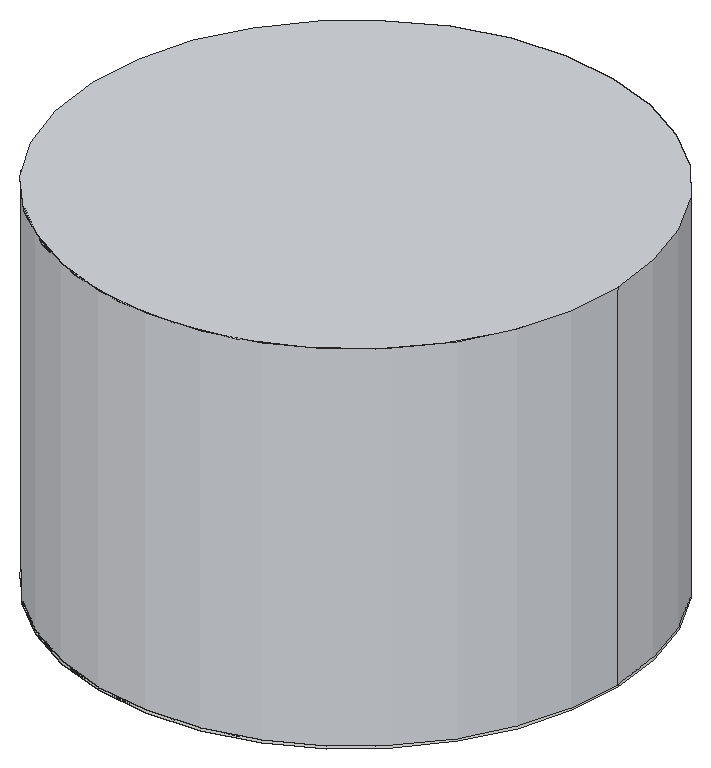
Revit family "EFG5550S", category 照明器具, Revit 2022
Family settings
  丸型コネクタ寸法 = 直径を使用
  パーツ タイプ = 標準
  OmniClass 番号 = 23.80.70.11.14.11
  OmniClass タイトル = Downlights
  作業面ベース = いいえ
  常に垂直 = いいえ
  ロード時にボイドで切り取り = はい
  光源 = はい
  注釈の向きを維持 = いいえ
  共有 = いいえ
  部屋計算ポイント = はい
Parameters (values of type "EFG5550S")
  電源種別_記号 = "AC"
  電源種別 = ""
  電気_回路番号 [instance] = ""
  配光角 = 0
  負荷分類 = 8_照明
  認証・規格 = ""
  記号 [instance] = ""
  製品出荷対象 = ""
  製品リリース年月 = "2024.04"
  製品ID = ""
  系統2 [instance] = ""
  系統 [instance] = ""
  符号 = ""
  積算_科目2 = "[1_1]照明"
  built-in parameter 1150110 = 1 (stored number, unit not read)
  built-in parameter 1150133 = 10 (stored number, unit not read)
  運転質量 = 0.00 kg
  質量 = 0.00 kg
  調光ランプの色温度変化。 = <なし>
  説明 = "防眩・小型シーリングライト"
  認定番号 = ""
  設置方法 = ""
  製造元 = "株式会社遠藤照明"
  製品質量 = 6.70 kg
  背面形式 = ""
  積算_科目 = "1 電灯設備"
  積算_拾い区分 [instance] = ""
  種別 [instance] = ""
  相 = 1
  直径 = 428 mm
  盤記号2 [instance] = ""
  盤記号 [instance] = ""
  Apparent Load = 定格入力容量  # 141.4 VA
  built-in parameter 1150104 = 13.8 (stored number, unit not read)
  built-in parameter 1150115 = 1 (stored number, unit not read)
  用途 = "E_一般照明"
  特殊仕様 [instance] = ""
  built-in parameter 1150137 = (empty or 0)
  照明制御装置の種類 = ""
  built-in parameter 1150106 = 16.009 (stored number, unit not read)
  built-in parameter 1150134 = 2
  built-in parameter 1150109 = 1 (stored number, unit not read)
  法定耐用年数 = ""
  極数 = 1
  材質_本体 = none
  材質_反射板 = none
  材質_ルーバー = none
  材質_カバー = none
  材質 [instance] = ""
  既定の高さ = 0 mm
  形式 [instance] = "高天井"
  平均演色評価数(Ra) = 82
  定格消費電力 = 137 W
  定格入力電流 = 0 A
  定格入力電圧 = 200 V
  定格入力容量 = 141.4 VA
  定格光束 = 20118 lm
  built-in parameter 1114218 = 1 (stored number, unit not read)
  安定器_蛍光灯 = ""
  安定器_定格電圧 = 0 V
  安定器_入力電流 = 0 A
  安定器_入力電力 = 0 W
  安定器_二次電圧 = 0 V
  姿図記号 = ""
  埋込穴寸法 = "0"
  埋込深さ = "0"
  固有エネルギー消費効率(lm/W) = 146.8
  器具サイズ = ""
  呼称 = "高天井"
  周波数 = 0 Hz
  名称 [instance] = ""
  built-in parameter 1114217 = 1 (stored number, unit not read)
  参照している仕様書等のバージョン = ""
  built-in parameter 1150102 = (empty or 0)
  built-in parameter 1150107 = 5000 (stored number, unit not read)
  built-in parameter 1150138 = (empty or 0)
  built-in parameter 1150132 = 2
  分類コード = "40305100000000"
  分類グループ = "電気"
  公共型番 = "LSR1W-200"
  Lumens = 20118 lm
  built-in parameter 1150105 = 1600.9 (stored number, unit not read)
  Tilt Angle = -90.00°
  備考2 [instance] = ""
  built-in parameter 1150139 = (empty or 0)
  Cost = 191000
  企業コード = ""
  付属品 [instance] = ""
  仕様 = ""
  Wattage = 135.436 W
  built-in parameter 1150112 = 1 (stored number, unit not read)
  ランプの種類 = "LED"
  ランプ_電流 = 0 A
  ランプ_本数 = 0
  ランプ_定格消費電力 = 0 W
  ランプ_定格消費効率(lm/W) = 0
  ランプ_大きさ = ""
  ランプ_全光束 = 0 lm
  built-in parameter 1150114 = 1 (stored number, unit not read)
  ランプ = "LED"
  モデル = "EFG5550S"
  フォトメトリック Web ファイル = "EFG5550S.IES"
  データ作成年月 = "2025.03"
  シンボル表示 = yes
  シンボル [instance] = e_cdl_symbol : 1/100
  コメント [instance] = ""
  イメージ(タイプ) = EFG5550S-K.jpg
  built-in parameter 1150113 = 1 (stored number, unit not read)
  サービススペース表示 = no
  グレア分類 = ""
  Keynote = ""
  カラー フィルタ = 16777215
  カバー形状 = ""
  Width = 0 mm
  Version = ""
  Uniclass2015Version = ""
  Uniclass2015Title = ""
  Uniclass2015Code = ""
  URL = "https://data2.endo-lighting.co.jp/specData.jsp?hinban=EFG5550S"
  SpecificationReference = ""
  SpecificationDescription = ""
  Revision = ""
  ProductInformation = ""
  OmniClassCode = "23.80.70.11.14.11"
  LED制御装置 = ""
  IfcTypeProduct = ""
  IfcProduct = ""
  IfcExportType = "DIRECTIONSOURCE"
  IfcExportAs = "IfcLightFixtureType"
  Height = 290 mm
  FamilyVersion = "v2.0"
  Depth = 0 mm
  Clearance Top = 0 mm
  Clearance Right = 0 mm
  Clearance Left = 0 mm
  Clearance Front = 0 mm
  Clearance Bottom = 0 mm
  Clearance Back = 0 mm
  BLCJ仕様バージョン = "2.0"
  Author = "株式会社遠藤照明"
Reference planes
  plane 1 "中心(正面/背面)": y = 0
  plane 2: z = 0
  plane 3 "中心(左/右)": x = 0
  plane 4: z = -290
Forms (mm)
  Extrusion 1, solid
    sketch origin (0, 0, 0) x (1, 0, 0) y (0, 1, 0)
      loop
        circle (0, 0) r 214
    from 0 to -290
  Extrusion 2, solid, material "自己発光"
    sketch origin (0, 0, 0) x (1, 0, 0) y (0, 1, 0)
      loop
        circle (0, 0) r 214
    from -290 to -292
Lines and regions (mm)
  Masking region 1, visible <- "シンボル表示", detail levels fine
    outline origin (0, 0, 0) x (1, 0, 0) y (0, 1, 0)
      loop
        circle (0, 0) r 214
Dimensions and locks
  locked: plane 4 to Extrusion 2 at 2
  "Height": plane 2 to plane 4
  locked: plane 4 to imposter light at 5
  "直径": diameter of Extrusion 1 sketch curve
  "直径": diameter of Extrusion 2 sketch curve
  "直径": diameter of Masking region 1 sketch curve
  aligned and locked: level to plane 2
  aligned and locked: imposter light to plane 3 "中心(左/右)"
  aligned and locked: plane 4 to Extrusion 1
  aligned and locked: plane 4 to Extrusion 2
Automatic sketch dimensions
  plane 1 "中心(正面/背面)" to Extrusion 1 sketch curve = 0 mm
  Extrusion 1 sketch curve to plane 3 "中心(左/右)" = 0 mm
  plane 1 "中心(正面/背面)" to Extrusion 2 sketch curve = 0 mm
  Extrusion 2 sketch curve to plane 3 "中心(左/右)" = 0 mm
  plane 1 "中心(正面/背面)" to Masking region 1 sketch curve = 0 mm
  Masking region 1 sketch curve to plane 3 "中心(左/右)" = 0 mm
Nested families
  nested 1: "e_cdl_symbol" at (0, 0, 0), visible <- "シンボル表示", type <- "シンボル", type "1/100", detail levels coarse+medium
Connectors
  electrical at (0, 0, 0), driven by "極数", driven by "負荷分類", driven by "定格入力電圧", driven by "Apparent Load"
    settings: on Extrusion 1, index 1, voltage 200 V, apparent load 141.4 VA, apparent load phase1 0 VA, apparent load phase2 0 VA, apparent load phase3 0 VA, power factor 1, load classification "8_照明", number of poles 1, system type 30, power factor state 1, is connector primary yes, connector utility no, sub classification motor no, connector description ""
Definition of nested family "e_cdl_symbol"
  Parameters (values of type "1/100")
    縮尺倍率 = if([縮尺1/50], 1.25 * 50, if([縮尺1/100], 1 * 100, if([縮尺1/200], 0.8 * 200, 0)))  # 100
    縮尺1/50 = no
    縮尺1/200 = no
    縮尺1/100 = yes
    直径 = 1 mm * 縮尺倍率  # 100 mm
    内直径 = 直径 * 0.75  # 75 mm
  Types (3, lengths in mm): name | 縮尺倍率 | 縮尺1/50 | 縮尺1/200 | 縮尺1/100 | 直径 | 内直径
    1/100 | 100 | no | no | yes | 100 | 75
    1/50 | 62.5 | yes | no | no | 62.5 | 46.875
    1/200 | 160 | no | yes | no | 160 | 120
  Reference planes
    plane 1 "中心(正面/背面)": y = 0
    plane 2: z = 0
    plane 3 "中心(左/右)": x = 0
  Lines and regions (mm)
    Masking region 1, in view "参照レベル"
      outline origin (0, 0, 0) x (1, 0, 0) y (0, 1, 0)
        loop
          circle (0, 0) r 50
    detail lines, in view "参照レベル"
      curve 1: circle (0, 0, 0) r 37.5 normal (0, 0, 1)
  Dimensions and locks
    "直径": diameter of Masking region 1 sketch curve
    "内直径": diameter of curve 1
  Automatic sketch dimensions
    plane 1 "中心(正面/背面)" to curve 1 = 0 mm
    curve 1 to plane 3 "中心(左/右)" = 0 mm
    plane 1 "中心(正面/背面)" to Masking region 1 sketch curve = 0 mm
    Masking region 1 sketch curve to plane 3 "中心(左/右)" = 0 mm
